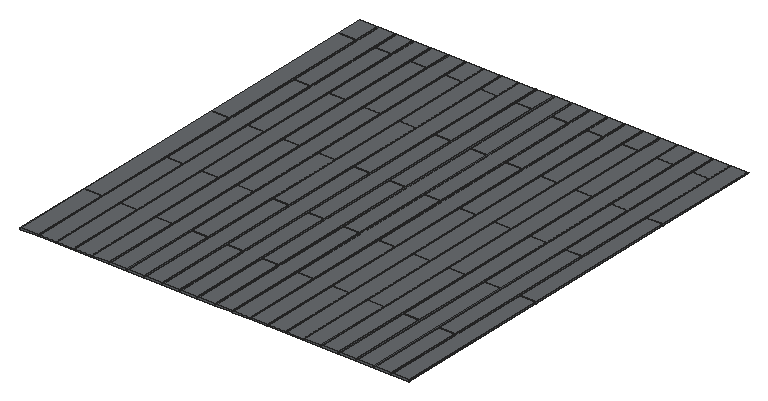
Revit family "2719-2, Veneer", category Generic Models, host Ceiling, Revit 2020
Family settings
  Host = Ceiling
  Can host rebar = No
  Round Connector Dimension = Use Diameter
  Part Type = Normal
  Always vertical = Yes
  Cut with Voids When Loaded = No
  Shared = No
  Room Calculation Point = No
Parameters
  OC SPACING [instance] = 0' - 8"  # constant formula
  PROJECT WIDTH [instance] = 15' - 0"
  PROJECT LENGTH [instance] = 16' - 0"
  PANELS COUNT 2 [instance] = rounddown((PROJECT LENGTH - .. MEMBER LENGTH 3) / .. MEMBER LENGTH 2)  # 2
  PANELS COUNT [instance] = rounddown(PROJECT LENGTH / .. MEMBER LENGTH 2)  # 2
  MEMBER WIDTH COUNT 2 [instance] = (PROJECT WIDTH / OC SPACING) / 2  # 11
  .. MEMBER WIDTH COUNT [instance] = (PROJECT WIDTH / OC SPACING) / 2  # 11
  .. MEMBER MATERIAL [instance] = 9WOOD WESTERN HEMLOCK
  .. MEMBER LENGTH 4 [instance] = ((PROJECT LENGTH - .. MEMBER LENGTH 3) - (PANELS COUNT 2 * .. MEMBER LENGTH 2))  # 1' - 0"
  .. MEMBER LENGTH 3 [instance] = .. MEMBER LENGTH 2 / 2  # 3' - 0"
  Default Elevation = 0' - 0"
  .. MEMBER WIDTH [instance] = OC SPACING + 0' 0 15/32"  # 0' - 8 15/32"
  .. MEMBER LENGTH 2 [instance] = 6' - 0"
  .. MEMBER LENGTH [instance] = PROJECT LENGTH - (PANELS COUNT * .. MEMBER LENGTH 2)  # 4' - 0"
  .. MEMBER DEPTH [instance] = 0' - 0 3/4"  # constant formula
Reference planes (in)
  plane 1 "Center (Front/Back)": y = 0
  plane 2 "Ceiling": z = 96
  plane 3 "Center (Left/Right)": x = 0
  plane 4: y = 72
  plane 5: y = 144
  plane 6: y = 108
  plane 7: y = 36
  plane 8: y = 192
  plane 9: y = 144
  plane 10: y = 180
  plane 11: x = 180
  plane 12: x = 8
Dimensions and locks (in)
  equal spacing: host sketch curve, plane 3 "Center (Left/Right)", host sketch curve
  equal spacing: host sketch curve, plane 1 "Center (Front/Back)", host sketch curve
  host sketch curve to host sketch curve = 10' - 0"  (x2)
  group 1 to group 2 = 0' - 0"  (x2)
  group 1 to group 2 = 6' - 0"
  ".. MEMBER LENGTH 2": plane 5 to plane 4
  ".. MEMBER LENGTH 2": plane 6 to plane 7
  "PROJECT LENGTH": plane 1 "Center (Front/Back)" to plane 8
  group 3 to group 4 = 0' - 0"  (x2)
  group 3 to group 4 = 6' - 0"
  ".. MEMBER LENGTH 3": plane 1 "Center (Front/Back)" to plane 7
  ".. MEMBER LENGTH 2": plane 1 "Center (Front/Back)" to plane 4
  ".. MEMBER LENGTH": plane 8 to plane 9
  ".. MEMBER LENGTH 4": plane 8 to plane 10
  "PROJECT WIDTH": plane 3 "Center (Left/Right)" to plane 11
  "OC SPACING": plane 3 "Center (Left/Right)" to plane 12
  aligned and locked: plane 1 "Center (Front/Back)" to nested 1
  aligned and locked: plane 4 to nested 2
  aligned and locked: nested 4 to plane 4
  aligned and locked: plane 7 to nested 3
  aligned and locked: plane 6 to nested 3
  aligned and locked: nested 6 to plane 6
  aligned and locked: nested 5 to plane 9
  aligned and locked: nested 7 to plane 10
  aligned and locked: plane 12 to nested 2
  aligned and locked: plane 12 to nested 4
  aligned and locked: plane 12 to nested 5
Nested families (in)
  nested 1: "(COPY 1) 2300 STAGGERED" at (0, 0, 85.44644), .. MEMBER DEPTH <- ".. MEMBER DEPTH", .. MEMBER WIDTH <- ".. MEMBER WIDTH", MEMBER LENGTH <- ".. MEMBER LENGTH 3", REVEAL <- "OC SPACING", MEMBER 1 COUNT <- ".. MEMBER WIDTH COUNT", .. MEMBER MATERIAL <- ".. MEMBER MATERIAL", type "(COPY 1) 2300 STAGGERED"
    with REVEAL X2 1' - 4", REVEAL 0' - 8", MEMBER LENGTH 2 1' - 6", MEMBER LENGTH 3' - 0", MEMBER COUNT 2 5, MEMBER 1 COUNT 11, INDENT 0' - 0 5/8", .. MEMBER WIDTH 0' - 8 15/32", .. MEMBER MATERIAL 9WOOD WESTERN HEMLOCK, .. MEMBER DEPTH 0' - 0 3/4"
  nested 2: "(COPY 1) 2300 STAGGERED" at (8, 0, 85.44644), .. MEMBER DEPTH <- ".. MEMBER DEPTH", .. MEMBER WIDTH <- ".. MEMBER WIDTH", MEMBER LENGTH <- ".. MEMBER LENGTH 2", MEMBER 1 COUNT <- "MEMBER WIDTH COUNT 2", REVEAL <- "OC SPACING", .. MEMBER MATERIAL <- ".. MEMBER MATERIAL", type "(COPY 1) 2300 STAGGERED"
    with REVEAL X2 1' - 4", REVEAL 0' - 8", MEMBER LENGTH 2 3' - 0", MEMBER LENGTH 6' - 0", MEMBER COUNT 2 5, MEMBER 1 COUNT 11, INDENT 0' - 0 5/8", .. MEMBER WIDTH 0' - 8 15/32", .. MEMBER MATERIAL 9WOOD WESTERN HEMLOCK, .. MEMBER DEPTH 0' - 0 3/4"
  nested 3: "(COPY 1) 2300 STAGGERED" at (0, 36, 85.44644), .. MEMBER DEPTH <- ".. MEMBER DEPTH", .. MEMBER WIDTH <- ".. MEMBER WIDTH", MEMBER LENGTH <- ".. MEMBER LENGTH 2", MEMBER 1 COUNT <- ".. MEMBER WIDTH COUNT", REVEAL <- "OC SPACING", .. MEMBER MATERIAL <- ".. MEMBER MATERIAL", type "(COPY 1) 2300 STAGGERED"
    with REVEAL X2 1' - 4", REVEAL 0' - 8", MEMBER LENGTH 2 3' - 0", MEMBER LENGTH 6' - 0", MEMBER COUNT 2 5, MEMBER 1 COUNT 11, INDENT 0' - 0 5/8", .. MEMBER WIDTH 0' - 8 15/32", .. MEMBER MATERIAL 9WOOD WESTERN HEMLOCK, .. MEMBER DEPTH 0' - 0 3/4"
  nested 4: "(COPY 1) 2300 STAGGERED" at (8, 72, 85.44644), .. MEMBER DEPTH <- ".. MEMBER DEPTH", .. MEMBER WIDTH <- ".. MEMBER WIDTH", MEMBER LENGTH <- ".. MEMBER LENGTH 2", MEMBER 1 COUNT <- "MEMBER WIDTH COUNT 2", REVEAL <- "OC SPACING", .. MEMBER MATERIAL <- ".. MEMBER MATERIAL", type "(COPY 1) 2300 STAGGERED"
    with REVEAL X2 1' - 4", REVEAL 0' - 8", MEMBER LENGTH 2 3' - 0", MEMBER LENGTH 6' - 0", MEMBER COUNT 2 5, MEMBER 1 COUNT 11, INDENT 0' - 0 5/8", .. MEMBER WIDTH 0' - 8 15/32", .. MEMBER MATERIAL 9WOOD WESTERN HEMLOCK, .. MEMBER DEPTH 0' - 0 3/4"
  nested 5: "(COPY 1) 2300 STAGGERED" at (8, 144, 85.44644), .. MEMBER DEPTH <- ".. MEMBER DEPTH", .. MEMBER WIDTH <- ".. MEMBER WIDTH", MEMBER LENGTH <- ".. MEMBER LENGTH", REVEAL <- "OC SPACING", MEMBER 1 COUNT <- "MEMBER WIDTH COUNT 2", .. MEMBER MATERIAL <- ".. MEMBER MATERIAL", type "(COPY 1) 2300 STAGGERED"
    with REVEAL X2 1' - 4", REVEAL 0' - 8", MEMBER LENGTH 2 2' - 0", MEMBER LENGTH 4' - 0", MEMBER COUNT 2 5, MEMBER 1 COUNT 11, INDENT 0' - 0 5/8", .. MEMBER WIDTH 0' - 8 15/32", .. MEMBER MATERIAL 9WOOD WESTERN HEMLOCK, .. MEMBER DEPTH 0' - 0 3/4"
  nested 6: "(COPY 1) 2300 STAGGERED" at (0, 108, 85.44644), .. MEMBER DEPTH <- ".. MEMBER DEPTH", .. MEMBER WIDTH <- ".. MEMBER WIDTH", MEMBER LENGTH <- ".. MEMBER LENGTH 2", MEMBER 1 COUNT <- ".. MEMBER WIDTH COUNT", REVEAL <- "OC SPACING", .. MEMBER MATERIAL <- ".. MEMBER MATERIAL", type "(COPY 1) 2300 STAGGERED"
    with REVEAL X2 1' - 4", REVEAL 0' - 8", MEMBER LENGTH 2 3' - 0", MEMBER LENGTH 6' - 0", MEMBER COUNT 2 5, MEMBER 1 COUNT 11, INDENT 0' - 0 5/8", .. MEMBER WIDTH 0' - 8 15/32", .. MEMBER MATERIAL 9WOOD WESTERN HEMLOCK, .. MEMBER DEPTH 0' - 0 3/4"
  nested 7: "(COPY 1) 2300 STAGGERED" at (0, 180, 85.44644), .. MEMBER DEPTH <- ".. MEMBER DEPTH", .. MEMBER WIDTH <- ".. MEMBER WIDTH", MEMBER LENGTH <- ".. MEMBER LENGTH 4", REVEAL <- "OC SPACING", MEMBER 1 COUNT <- ".. MEMBER WIDTH COUNT", .. MEMBER MATERIAL <- ".. MEMBER MATERIAL", type "(COPY 1) 2300 STAGGERED"
    with REVEAL X2 1' - 4", REVEAL 0' - 8", MEMBER LENGTH 2 0' - 6", MEMBER LENGTH 1' - 0", MEMBER COUNT 2 3, MEMBER 1 COUNT 11, INDENT 0' - 0 5/8", .. MEMBER WIDTH 0' - 8 15/32", .. MEMBER MATERIAL 9WOOD WESTERN HEMLOCK, .. MEMBER DEPTH 0' - 0 3/4"
Definition of nested family "(COPY 1) 2300 STAGGERED"
  Parameters (values of type "(COPY 1) 2300 STAGGERED")
    REVEAL X2 [instance] = REVEAL * 2  # 0' - 8"
    REVEAL [instance] = 0' - 4"
    MEMBER LENGTH 2 [instance] = MEMBER LENGTH / 2  # 3' - 0"
    MEMBER LENGTH [instance] = 6' - 0"
    MEMBER COUNT 2 [instance] = 5
    MEMBER 1 COUNT [instance] = 5
    INDENT [instance] = 0' - 0 5/8"
    Default Elevation = 0' - 0"
    .. MEMBER WIDTH [instance] = 0' - 3 1/4"
    .. MEMBER MATERIAL [instance] = none
    .. MEMBER DEPTH [instance] = 0' - 0 3/4"
  Reference planes (in)
    plane 1 "Center (Front/Back)": y = 0
    plane 2: z = 0
    plane 3 "Center (Left/Right)": x = 0
    plane 4: x = 8
    plane 5: x = 4
    plane 6: x = 12
  Dimensions and locks (in)
    "REVEAL X2": plane 3 "Center (Left/Right)" to plane 4
    "REVEAL": plane 3 "Center (Left/Right)" to plane 5
    "REVEAL X2": plane 5 to plane 6
    equal spacing: group 1, group 2, group 3, group 4, group 5  (x3)
    aligned and locked: plane 2 to level
    aligned and locked: plane 1 "Center (Front/Back)" to nested 1
    aligned and locked: plane 3 "Center (Left/Right)" to nested 1
    aligned and locked: plane 4 to nested 2
  Nested families (in)
    nested 1: "2300 DEV" at (-0.42392, 0, 0), MEMBER LENGTH <- "MEMBER LENGTH", MEMBER MATERIAL <- ".. MEMBER MATERIAL", MEMBER WIDTH <- ".. MEMBER WIDTH", type "2300 DEV"
      with MEMBER WIDTH 0' - 3 1/4", MEMBER MATERIAL none, MEMBER LENGTH 6' - 0", EXTRUSION -6' - 0"
    nested 2: "2300 DEV" at (7.57608, 0, 0), MEMBER LENGTH <- "MEMBER LENGTH", MEMBER MATERIAL <- ".. MEMBER MATERIAL", MEMBER WIDTH <- ".. MEMBER WIDTH", type "2300 DEV"
      with MEMBER WIDTH 0' - 3 1/4", MEMBER MATERIAL none, MEMBER LENGTH 6' - 0", EXTRUSION -6' - 0"
    nested 3: "2300 DEV" at (15.57608, 0, 0), MEMBER LENGTH <- "MEMBER LENGTH", MEMBER MATERIAL <- ".. MEMBER MATERIAL", MEMBER WIDTH <- ".. MEMBER WIDTH", type "2300 DEV"
      with MEMBER WIDTH 0' - 3 1/4", MEMBER MATERIAL none, MEMBER LENGTH 6' - 0", EXTRUSION -6' - 0"
    nested 4: "2300 DEV" at (23.57608, 0, 0), MEMBER LENGTH <- "MEMBER LENGTH", MEMBER MATERIAL <- ".. MEMBER MATERIAL", MEMBER WIDTH <- ".. MEMBER WIDTH", type "2300 DEV"
      with MEMBER WIDTH 0' - 3 1/4", MEMBER MATERIAL none, MEMBER LENGTH 6' - 0", EXTRUSION -6' - 0"
    nested 5: "2300 DEV" at (31.57608, 0, 0), MEMBER LENGTH <- "MEMBER LENGTH", MEMBER MATERIAL <- ".. MEMBER MATERIAL", MEMBER WIDTH <- ".. MEMBER WIDTH", type "2300 DEV"
      with MEMBER WIDTH 0' - 3 1/4", MEMBER MATERIAL none, MEMBER LENGTH 6' - 0", EXTRUSION -6' - 0"
  Definition of nested family "2300 DEV"
    Parameters (values of type "2300 DEV")
      MEMBER WIDTH [instance] = 0' - 2 1/4"
      MEMBER MATERIAL [instance] = none
      MEMBER LENGTH [instance] = 2' - 6"
      EXTRUSION [instance] = -1 * MEMBER LENGTH  # -2' - 6"
      Default Elevation = 0' - 0"
    Reference planes (in)
      plane 1 "Center (Front/Back)": y = 0
      plane 2: z = 10.55356
      plane 3 "Center (Left/Right)": x = 0
      plane 4: y = 30
      plane 5: z = 10.55356
      plane 6: x = 0.42392
      plane 7: x = 2.67392
      plane 8: x = 2.9446
    Forms (in)
      Extrusion 1, void, not visible
        sketch origin (-0.375, 0, 0) x (1, 0, 0) y (0, 0, 1)
          loop
            line (4.125, 11.30356) -> (4.125, 11.17856) -> (4.0625, 11.11606) -> (3.75, 11.11606) -> (3.75, 10.92856) -> (4.25, 10.92856) -> (4.65478, 10.92856) -> (4.65478, 11.30356) -> (4.25, 11.30356) -> (4.125, 11.30356)
        from 0 to 30
      Extrusion 2, void, not visible
        sketch origin (4.5, 0, 0) x (-1, 0, 0) y (0, 0, 1)
          loop
            line (4.5, 11.30356) -> (4.25, 11.30356) -> (4.25, 11.17856) -> (4.1875, 11.11606) -> (3.875, 11.11606) -> (3.875, 10.92856) -> (4.78125, 10.92856) -> (4.78125, 11.30356) -> (4.5, 11.30356)
        from 0 to 30
      Extrusion 3, void, not visible
        sketch origin (0, 0, 0) x (1, 0, 0) y (0, 0, 1)
          loop
            line (2.53125, 10.55356) -> (2, 10.55356) -> (2, 10.42856) -> (1.9375, 10.36606) -> (1.625, 10.36606) -> (1.625, 10.17856) -> (2.53125, 10.17856) -> (2.53125, 10.55356)
        from 0 to 12
      Extrusion 4, void, not visible
        sketch origin (0, 0, 0) x (1, 0, 0) y (0, 0, 1)
          loop
            line (8.60291, 10.17856) -> (8.60291, 9.99106) -> (8.54041, 9.92856) -> (9.17917, 9.92856) -> (9.17917, 10.55356) -> (8.56291, 10.55356) -> (8.56291, 10.38856) -> (8.80041, 10.38856)
            arc (8.80041, 10.38856) -> (8.8446, 10.37025) -> (8.86291, 10.32606) r 0.0625
            line (8.86291, 10.32606) -> (8.86291, 10.24106)
            arc (8.86291, 10.24106) -> (8.8446, 10.19686) -> (8.80041, 10.17856) r 0.0625
            line (8.80041, 10.17856) -> (8.60291, 10.17856)
        from 0 to -30
      Extrusion 5, void, not visible
        sketch origin (-0.54718, 0, 0) x (1, 0, 0) y (0, 0, 1)
          loop
            line (8.60291, 10.17856) -> (8.60291, 9.99106) -> (8.60291, 9.52296) -> (9.17917, 9.52296) -> (9.17917, 9.92856) -> (9.17917, 10.55356) -> (8.56291, 10.55356) -> (8.56291, 10.38856) -> (8.80041, 10.38856)
            arc (8.80041, 10.38856) -> (8.8446, 10.37025) -> (8.86291, 10.32606) r 0.0625
            line (8.86291, 10.32606) -> (8.86291, 10.24106)
            arc (8.86291, 10.24106) -> (8.8446, 10.19686) -> (8.80041, 10.17856) r 0.0625
            line (8.80041, 10.17856) -> (8.60291, 10.17856)
        from 0 to -30 <- "EXTRUSION"
      Extrusion 6, void, not visible
        sketch origin (-5.34896, -6, 0) x (1, 0, 0) y (0, 0, 1)
          loop
            line (5.92291, 10.42856) -> (5.60328, 10.42856) -> (5.60328, 10.55356) -> (5.34896, 10.55356) -> (5.34896, 9.92856) -> (5.34896, 9.52296) -> (5.60291, 9.52296) -> (5.60291, 9.99136) -> (5.60291, 10.17856) -> (5.92291, 10.17856) -> (5.92291, 10.42856)
        from 0 to -30 <- "EXTRUSION"
      Extrusion 7, void
        sketch origin (-5.44511, 0, 0) x (1, 0, 0) y (0, 0, 1)
          loop
            line (8.11903, 10.67856) -> (8.11903, 10.55356) -> (7.74403, 10.55356) -> (7.74403, 10.49356) -> (8.11903, 10.49356) -> (8.11903, 10.36606) -> (7.61903, 10.36606) -> (7.61903, 10.17856) -> (7.83778, 10.17856) -> (7.83778, 9.94418) -> (7.59973, 9.70614) -> (8.38971, 9.70614) -> (8.38971, 10.67856) -> (8.11903, 10.67856)
        from 0 to -30 <- "EXTRUSION"
      Extrusion 8, solid, material <- "MEMBER MATERIAL"
        sketch origin (-4.22636, 0, 0) x (1, 0, 0) y (0, 0, 1)
          loop
            line (4.65028, 10.67856) -> (4.65028, 9.92856) -> (6.90028, 9.92856) -> (6.90028, 10.67856) -> (4.65028, 10.67856)
        from 0 to -30
      Extrusion 9, void, not visible
        sketch origin (1.21875, 0, 0) x (1, 0, 0) y (0, 0, 1)
          loop
            line (11.11903, 10.67856) -> (11.11903, 10.55356) -> (10.74403, 10.55356) -> (10.74403, 10.49356) -> (11.11903, 10.49356) -> (11.11903, 10.36606) -> (10.61903, 10.36606) -> (10.61903, 10.17856) -> (10.83778, 10.17856) -> (10.83778, 9.94418) -> (10.59973, 9.70614) -> (11.38971, 9.70614) -> (11.38971, 10.67856) -> (11.11903, 10.67856)
        from 0 to -30 <- "EXTRUSION"
      Extrusion 10, void
        sketch origin (-4.22636, 0, 0) x (1, 0, 0) y (0, 0, 1)
          loop
            line (5.15028, 10.67856) -> (4.22636, 10.67856) -> (4.22636, 9.70614) -> (5.13833, 9.70614) -> (4.90028, 9.94418) -> (4.90028, 10.17856) -> (4.65028, 10.17856) -> (4.65028, 10.33481) -> (5.15028, 10.33481) -> (5.15028, 10.67856)
        from 0 to -30 <- "EXTRUSION"
      Extrusion 11, void, not visible
        sketch origin (-8.44511, 0, 0) x (1, 0, 0) y (0, 0, 1)
          loop
            line (11.11903, 10.67856) -> (11.11903, 10.55356) -> (10.74403, 10.55356) -> (10.74403, 10.49356) -> (11.11903, 10.49356) -> (11.11903, 10.36606) -> (10.61903, 10.36606) -> (10.61903, 10.17856) -> (10.83778, 10.17856) -> (10.83778, 9.94418) -> (10.59973, 9.70614) -> (11.38971, 9.70614) -> (11.38971, 10.67856) -> (11.11903, 10.67856)
        from 0 to -30 <- "EXTRUSION"
    Cuts and joins
      Extrusion 7, Extrusion 10 cuts Extrusion 8
    Lines and regions (in)
      model lines, not visible
        curve 1: line (9.45582, 0, 10.55356) -> (14.70582, 0, 10.55356)
        curve 2: line (14.70582, 0, 10.55356) -> (14.70582, 0, 10.92856)
        curve 3: line (14.70582, 0, 10.92856) -> (14.20582, 0, 10.92856)
        curve 4: line (14.20582, 0, 10.92856) -> (14.20582, 0, 11.11606)
        curve 5: line (14.20582, 0, 11.11606) -> (14.51832, 0, 11.11606)
        curve 6: line (14.58082, 0, 11.30356) -> (14.58082, 0, 11.17856)
        curve 7: line (14.58082, 0, 11.17856) -> (14.51832, 0, 11.11606)
        curve 8: line (14.58082, 0, 11.30356) -> (9.58082, 0, 11.30356)
        curve 9: line (9.45582, 0, 10.55356) -> (9.45582, 0, 10.92856)
        curve 10: line (9.45582, 0, 10.92856) -> (9.95582, 0, 10.92856)
        curve 11: line (9.95582, 0, 10.92856) -> (9.95582, 0, 11.11606)
        curve 12: line (9.95582, 0, 11.11606) -> (9.64332, 0, 11.11606)
        curve 13: line (9.58082, 0, 11.30356) -> (9.58082, 0, 11.17856)
        curve 14: line (9.58082, 0, 11.17856) -> (9.64332, 0, 11.11606)
        curve 15: line (5.25, 0, 10.55356) -> (5.25, 0, 10.92856)
        curve 16: line (5.25, 0, 10.92856) -> (4.75, 0, 10.92856)
        curve 17: line (4.75, 0, 10.92856) -> (4.75, 0, 11.11606)
        curve 18: line (4.75, 0, 11.11606) -> (5.0625, 0, 11.11606)
        curve 19: line (5.125, 0, 11.30356) -> (5.125, 0, 11.17856)
        curve 20: line (5.125, 0, 11.17856) -> (5.0625, 0, 11.11606)
    Dimensions and locks (in)
      "MEMBER LENGTH": plane 1 "Center (Front/Back)" to plane 4
      locked: plane 8 to plane 7 at 0.27068
      "MEMBER WIDTH": plane 7 to plane 6
      locked: plane 6 to plane 3 "Center (Left/Right)" at 0.42392
      aligned and locked: level to plane 2
      aligned and locked: plane 6 to Extrusion 8
      aligned and locked: plane 7 to Extrusion 8
      aligned and locked: plane 4 to Extrusion 8
      aligned and locked: plane 8 to cut or joined group of Extrusion 7, Extrusion 8, Extrusion 10
      aligned and locked: plane 7 to cut or joined group of Extrusion 7, Extrusion 8, Extrusion 10
    Automatic sketch dimensions
      Extrusion 1 sketch curve to Extrusion 1 sketch curve = 0' - 0 1/16"  (x2)
      Extrusion 1 sketch curve to Extrusion 1 sketch curve = 0' - 0.40478"
      Extrusion 1 sketch curve to Extrusion 1 sketch curve = 0' - 0 3/16"  (x2)
      Extrusion 1 sketch curve to Extrusion 1 sketch curve = 0' - 0 1/8"  (x2)
      Extrusion 1 sketch curve to Extrusion 1 sketch curve = 0' - 0 5/16"
      Extrusion 2 sketch curve to Extrusion 2 sketch curve = 0' - 0 3/16"  (x2)
      Extrusion 2 sketch curve to Extrusion 2 sketch curve = 0' - 0 1/16"  (x2)
      Extrusion 2 sketch curve to Extrusion 2 sketch curve = 0' - 0 9/32"
      Extrusion 2 sketch curve to Extrusion 2 sketch curve = 0' - 0 1/4"
      Extrusion 2 sketch curve to Extrusion 2 sketch curve = 0' - 0 5/16"
      Extrusion 3 sketch curve to Extrusion 3 sketch curve = 0' - 0 5/16"
      Extrusion 3 sketch curve to Extrusion 3 sketch curve = 0' - 0 1/16"  (x2)
      Extrusion 3 sketch curve to Extrusion 3 sketch curve = 0' - 0 3/16"
      Extrusion 3 sketch curve to Extrusion 3 sketch curve = 0' - 0 17/32"
      Extrusion 3 sketch curve to Extrusion 3 sketch curve = 0' - 0 3/8"
      Extrusion 4 sketch curve to Extrusion 4 sketch curve = 0' - 0 1/16"  (x4)
      Extrusion 4 sketch curve to Extrusion 4 sketch curve = 0' - 0.1975"
      Extrusion 4 sketch curve to Extrusion 4 sketch curve = 0' - 0.2375"
      Extrusion 4 sketch curve to Extrusion 4 sketch curve = 0' - 0.085"
      Extrusion 4 sketch curve to Extrusion 4 sketch curve = 0' - 0 3/16"
      Extrusion 4 sketch curve to Extrusion 4 sketch curve = 0' - 0.31626"
      Extrusion 4 sketch curve to Extrusion 4 sketch curve = 0' - 0.2275"
      Extrusion 5 sketch curve to Extrusion 5 sketch curve = 0' - 0.04"
      Extrusion 5 sketch curve to Extrusion 5 sketch curve = 0' - 0.2375"
      Extrusion 5 sketch curve to Extrusion 5 sketch curve = 0' - 0"
      Extrusion 5 sketch curve to Extrusion 5 sketch curve = 0' - 0 1/16"
      Extrusion 5 sketch curve to Extrusion 5 sketch curve = 0' - 0.31626"
      Extrusion 5 sketch curve to Extrusion 5 sketch curve = 0' - 0.4681"
      Extrusion 5 sketch curve to Extrusion 5 sketch curve = 0' - 0 3/16"
      Extrusion 5 sketch curve to Extrusion 5 sketch curve = 0' - 0.085"
      Extrusion 5 sketch curve to Extrusion 5 sketch curve = 0' - 0.2275"
      Extrusion 5 sketch curve to Extrusion 5 sketch curve = 0' - 0.4056"
      Extrusion 6 sketch curve to Extrusion 6 sketch curve = 0' - 0.25395"
      Extrusion 6 sketch curve to Extrusion 6 sketch curve = 0' - 0.25432"
      Extrusion 6 sketch curve to Extrusion 6 sketch curve = 0' - 0.32"
      Extrusion 6 sketch curve to Extrusion 6 sketch curve = 0' - 0.4056"
      Extrusion 6 sketch curve to Extrusion 6 sketch curve = 0' - 0.06281"
      Extrusion 6 sketch curve to Extrusion 6 sketch curve = 0' - 0.18719"
      Extrusion 6 sketch curve to Extrusion 6 sketch curve = 0' - 0 1/4"
      Extrusion 6 sketch curve to Extrusion 6 sketch curve = 0' - 0 1/8"
      Extrusion 7 sketch curve to Extrusion 7 sketch curve = 0' - 0.0193"
      Extrusion 7 sketch curve to Extrusion 7 sketch curve = 0' - 0 1/8"  (x2)
      Extrusion 7 sketch curve to Extrusion 7 sketch curve = 0' - 0.23805"  (x2)
      Extrusion 7 sketch curve to Extrusion 7 sketch curve = 0' - 0 3/8"
      Extrusion 7 sketch curve to Extrusion 7 sketch curve = 0' - 0"
      Extrusion 7 sketch curve to Extrusion 7 sketch curve = 0' - 0.55193"
      Extrusion 8 sketch curve to Extrusion 8 sketch curve = 0' - 2 1/4"
      level to Extrusion 8 sketch curve = 0' - 0 1/8"
      Extrusion 7 sketch curve to Extrusion 7 sketch curve = 0' - 0 15/64"
      Extrusion 7 sketch curve to Extrusion 7 sketch curve = 0' - 0 3/16"
      Extrusion 7 sketch curve to Extrusion 7 sketch curve = 0' - 0.1275"
      Extrusion 7 sketch curve to Extrusion 7 sketch curve = 0' - 0.06"
      Extrusion 9 sketch curve to Extrusion 9 sketch curve = 0' - 0.0193"
      Extrusion 9 sketch curve to Extrusion 9 sketch curve = 0' - 0 1/8"  (x2)
      Extrusion 9 sketch curve to Extrusion 9 sketch curve = 0' - 0.23805"  (x2)
      Extrusion 9 sketch curve to Extrusion 9 sketch curve = 0' - 0 3/8"
      Extrusion 9 sketch curve to Extrusion 9 sketch curve = 0' - 0"
      Extrusion 9 sketch curve to Extrusion 9 sketch curve = 0' - 0.55193"
      Extrusion 9 sketch curve to Extrusion 9 sketch curve = 0' - 0 15/64"
      Extrusion 9 sketch curve to Extrusion 9 sketch curve = 0' - 0 3/16"
      Extrusion 9 sketch curve to Extrusion 9 sketch curve = 0' - 0.1275"
      Extrusion 9 sketch curve to Extrusion 9 sketch curve = 0' - 0.06"
      Extrusion 10 sketch curve to plane 6 = 0' - 0"
      plane 6 to Extrusion 10 sketch curve = 0' - 0 1/4"
      Extrusion 10 sketch curve to Extrusion 10 sketch curve = 0' - 0.23805"  (x2)
      level to Extrusion 10 sketch curve = 0' - 0 1/8"
      plane 6 to Extrusion 10 sketch curve = 0' - 0 1/2"
      Extrusion 8 sketch curve to plane 6 = 0' - 0"
      Extrusion 10 sketch curve to Extrusion 10 sketch curve = 0' - 0 15/64"
      Extrusion 10 sketch curve to level = 0' - 0 7/32"
      Extrusion 8 sketch curve to level = 0' - 0 5/8"
      Extrusion 10 sketch curve to Extrusion 10 sketch curve = 0' - 0 5/32"
      Extrusion 10 sketch curve to plane 3 "Center (Left/Right)" = 0' - 0"
      Extrusion 11 sketch curve to Extrusion 11 sketch curve = 0' - 0.0193"
      Extrusion 11 sketch curve to Extrusion 11 sketch curve = 0' - 0 1/8"  (x2)
      Extrusion 11 sketch curve to Extrusion 11 sketch curve = 0' - 0.23805"  (x2)
      Extrusion 11 sketch curve to Extrusion 11 sketch curve = 0' - 0 3/8"
      Extrusion 11 sketch curve to Extrusion 11 sketch curve = 0' - 0"
      Extrusion 11 sketch curve to Extrusion 11 sketch curve = 0' - 0.55193"
      Extrusion 11 sketch curve to Extrusion 11 sketch curve = 0' - 0 15/64"
      Extrusion 11 sketch curve to Extrusion 11 sketch curve = 0' - 0 3/16"
      Extrusion 11 sketch curve to Extrusion 11 sketch curve = 0' - 0.1275"
      Extrusion 11 sketch curve to Extrusion 11 sketch curve = 0' - 0.06"
      Extrusion 7 sketch curve to level = 0' - 0"
      Extrusion 7 sketch curve to plane 7 = 0' - 0"
